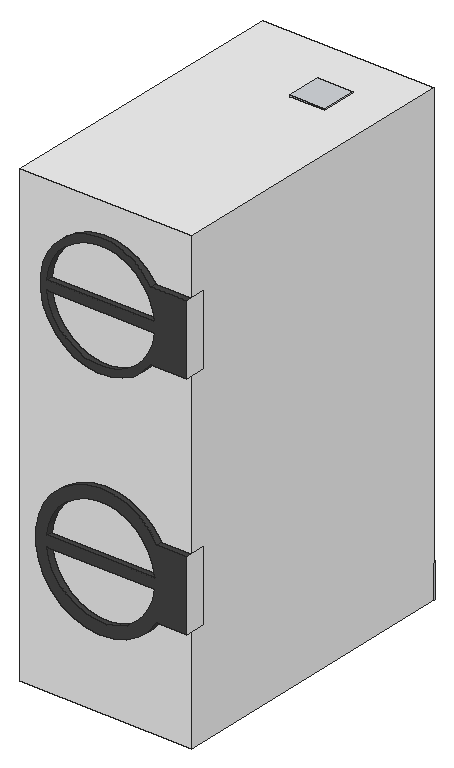
Revit family "_Stacked Dryer", category Mechanical Equipment, Revit 2018
Family settings
  Round Connector Dimension = Use Radius
  Part Type = Normal
  OmniClass Number = 23.45.70.11.14.17
  OmniClass Title = Clothes Dryers
  Work Plane-Based = No
  Always vertical = Yes
  Cut with Voids When Loaded = No
  Shared = No
  Room Calculation Point = No
Parameters (values of type "Maytag Dryer 3")
  Warranty Duration (Years) = 0
  Voltage = 0 V
  URL = "http://www.continentalgirbau.com"
  Trim Material = Painted Metal - Black
  Three Phase = 0 VA
  Test Data = ""
  Specification = "http://www.arcat.com/sd/clients/cogirbau.html?coid=44467"
  SpecWizard = "http://www.arcat.com/specwizard/11110con/index.htm?mf=&coid=44467"
  Single Phase = 0 VA
  Shell Material = Stainless Steel
  Send Message = "http://admin.arcat.com/users.pl?action=UserEmail&company=Continental%20Girbau,%20Inc.&coid=44467&rep=132&fax=920-231-4666 &mf="
  Sales Information = ""
  Product Properties = "http://www.arcat.com/bim/bim_info.pl?fn=Commercial_Washer"
  Product Data = "http://www.arcat.com/arcatcos/cos44/arc44467.html"
  OpeningCL = DoorOpening / 2  # 11 87/256"
  Model = "Generic"
  Mech_Waste = 4"
  Mech_Gas_Inlet = 3/8"
  Manufacturer Website = "http://www.continentalgirbau.com"
  Manufacturer Phone - Toll Free = "800-256-1073 "
  Manufacturer Phone = "920-231-8222 "
  Manufacturer Fax = "920-231-4666 "
  Manufacturer Address = "2500 State Rd. 44; Oshkosh; WI 54904\r\n"
  Manufacturer = "Continental Girbau, Inc.\r\n"
  Maintenance Schedule (Months) = 0
  MachWidth = 29 1/2"
  MachHeight = 79"
  MachDepth = 52 1/4"
  LwrPanHt = MachHeight / 3  # 26.33333"
  Keynote = "11 23 00"
  Installation-Fabrication = ""
  Installation Phase = "Interior Fittings"
  InstWidth = 18"
  Green Building-LEED = "http://www.arcat.com/green/clients/leed_data_44467.html"
  GlassCL = OpeningCL - 2"  # 9 87/256"
  Fr_FaceWdth = MachWidth / 6  # 4.91667"
  Expected Lifespan (Years) = 0
  Drawn By = "Robert S. Weygant, CSI, CDT, SCIP"
  DoorOpening = 22 87/128"
  DoorHeight = 48"
  Description = "Commercial Washer"
  Cyl_Diam = CylRad * 2  # 33"
  Cyl_Depth = 26"
  CylRad = 16 1/2"
  Copyright = "2009, ARCAT, Inc."  # constant formula
  Construction Details = "http://www.arcat.com/details/cogirbau/cogirbau.html?coid=44467"
  Capacity_Weight = 30
  Capacity_Volume = (3.1416 * (CylRad ^ 2)) * Cyl_Depth  # 0.36441 m³
  Building Codes = ""
  BTU = ""
  Assembly Code = "E1010610"
Types (4): name | MachWidth | MachHeight | MachDepth | LwrPanHt | Fr_FaceWdth
  Maytag Dryer 1 | 29 1/2" | 78 1/4" | 52 1/4" | 26.08333" | 4.91667"
  Maytag Dryer 2 | 34 1/4" | 72 1/4" | 49" | 24.08333" | 5.70833"
  Maytag Dryer 3 | 29 1/2" | 79" | 52 1/4" | 26.33333" | 4.91667"
  Maytag Dryer 4 - MLG32PD | 30" | 78 1/4" | 43" | 26.08333" | 5"
Reference planes (in)
  plane 1 "Front": y = 0
  plane 2: z = 0
  plane 3 "Center (Left/Right)": x = 4.36029
  plane 4: x = -10.38971
  plane 5: x = 19.11029
  plane 6: y = 52.25
  plane 7: z = 79
  plane 8: z = 63.5
  plane 9: z = 48
  plane 10 "DoorFront": y = 2
  plane 11: y = 28
  plane 12: z = 24
Forms (in)
  Extrusion 1, solid, material "Stainless Steel" <- "Shell Material"
    sketch origin (0, 0, 0) x (1, 0, 0) y (0, 1, 0)
      loop
        line (-10.38971, 0) -> (19.11029, 0) -> (19.11029, 52.25) -> (-10.38971, 52.25) -> (-10.38971, 0)
    from 0 to 79
  Extrusion 2, solid, material "Painted Metal - Black" <- "Trim Material"
    sketch origin (0, 2, 18.44141) x (-1, 0, 0) y (0, 0, 1)
      loop
        arc (4.94445, 45.8676) -> (-4.36029, 54.39844) -> (-13.66503, 45.8676) r 9.33984
        line (-13.66503, 45.8676) -> (4.94445, 45.8676)
      loop
        line (-19.11029, 39.05859) -> (-12.98277, 39.05859)
        arc (-12.98277, 39.05859) -> (6.14433, 45.05859) -> (-12.98277, 51.05859) r 10.50462
        line (-12.98277, 51.05859) -> (-19.11029, 51.05859) -> (-19.11029, 39.05859)
      loop
        arc (-13.66503, 44.24959) -> (-4.36029, 35.71875) -> (4.94445, 44.24959) r 9.33984
        line (4.94445, 44.24959) -> (-13.66503, 44.24959)
    from 0.5 to -3
  Extrusion 3, void
    sketch origin (0, 2, 0) x (-1, 0, 0) y (0, 0, 1)
      loop
        circle (-4.36029, 63.5) r 11.33984
    from 0 to 0.5
  Extrusion 4, solid, material "Glass"
    sketch origin (0, 2, 22.60156) x (-1, 0, 0) y (0, 0, 1)
      loop
        circle (-4.36029, 40.89844) r 9.33984
    from 0 to 0.5
  Extrusion 5, solid, material "Painted Metal - Black" <- "Trim Material"
    sketch origin (0, 2, -17.55859) x (-1, 0, 0) y (0, 0, 1)
      loop
        arc (-13.66114, 40.70601) -> (-4.36029, 32.21875) -> (4.94056, 40.70601) r 9.33984
        line (4.94056, 40.70601) -> (-13.66114, 40.70601)
      loop
        line (-19.11029, 35.55859) -> (-13.98277, 35.55859)
        arc (-13.98277, 35.55859) -> (6.97955, 41.55859) -> (-13.98277, 47.55859) r 11.33984
        line (-13.98277, 47.55859) -> (-19.11029, 47.55859) -> (-19.11029, 35.55859)
      loop
        line (-13.66114, 42.41118) -> (4.94056, 42.41118)
        arc (4.94056, 42.41118) -> (-4.36029, 50.89844) -> (-13.66114, 42.41118) r 9.33984
    from 0.5 to -3
  Extrusion 6, solid, material "Glass"
    sketch origin (0, 2, -16.89844) x (-1, 0, 0) y (0, 0, 1)
      loop
        circle (-4.36029, 40.89844) r 9.33984
    from 0 to 0.5
  Extrusion 7, solid
    sketch origin (0, 0, 0) x (1, 0, 0) y (0, 0, 1)
      loop
        line (19.11029, 0) -> (19.11029, 6) -> (13.11029, 6) -> (13.11029, 0) -> (19.11029, 0)
    from -52.3125 to -52.25
  Extrusion 8, solid
    sketch origin (-19.5, 0, 3) x (1, 0, 0) y (0, 0, 1)
      loop
        line (18.11029, 3) -> (18.11029, 6) -> (15.11029, 6) -> (15.11029, 3) -> (18.11029, 3)
    from -52.3125 to -52.25
  Extrusion 9, solid
    sketch origin (-47.81331, -203.63539, 79) x (-1, 0, 0) y (0, -1, 0)
      loop
        line (-59.34116, -247.875) -> (-53.34116, -247.875) -> (-53.34116, -241.875) -> (-59.34116, -241.875) -> (-59.34116, -247.875)
    from 0.25 to 0
Cuts and joins
  Extrusion 3 cuts Extrusion 1
  Extrusion 3 cuts Extrusion 2
Lines and regions (in)
  Split face 1
    outline origin (-10.38971, 0, 79) x (0, 0, -1) y (1, 0, 0)
      loop
        line (32.75812, 3.125) -> (28.25, 3.125) -> (28.25, 0.125) -> (38.75812, 0.125) -> (38.75812, 29.375) -> (28.25, 29.375) -> (28.25, 26.375) -> (32.75812, 26.375) -> (32.75812, 3.125)
  Split face 2
    outline origin (-10.38971, 0, 79) x (0, 0, -1) y (1, 0, 0)
      loop
        arc (14.69099, 24.05474) -> (6.16016, 14.75) -> (14.69099, 5.44526) r 9.33984
        line (14.69099, 5.44526) -> (14.69099, 24.05474)
  Split face 3
    outline origin (-10.38971, 0, 79) x (0, 0, -1) y (1, 0, 0)
      loop
        arc (16.30901, 5.44526) -> (24.83984, 14.75) -> (16.30901, 24.05474) r 9.33984
        line (16.30901, 24.05474) -> (16.30901, 5.44526)
  Split face 4
    outline origin (-10.38971, 0, 79) x (0, 0, -1) y (1, 0, 0)
      loop
        arc (55.85259, 5.44915) -> (64.33984, 14.75) -> (55.85259, 24.05085) r 9.33984
        line (55.85259, 24.05085) -> (55.85259, 5.44915)
  Split face 5
    outline origin (-10.38971, 0, 79) x (0, 0, -1) y (1, 0, 0)
      loop
        line (73, 29.5) -> (73, 0)
  symbolic lines
    curve 1: line (14.51933, 2, 0) -> (12.51933, 2, 0)
    curve 2: line (14.51933, -20.67969, 0) -> (14.51933, 2, 0)
    curve 3: line (12.51933, -20.67969, 0) -> (14.51933, -20.67969, 0)
    curve 4: line (12.51933, 2, 0) -> (12.51933, -20.67969, 0)
    curve 5: arc (14.51933, -20.67969, 0) -> (-0.89322, -14.63795, 0) -> (-8.09415, 0.26829, 0) r 22.67969
Dimensions and locks (in)
  "MachWidth": plane 4 to plane 5
  "MachDepth": plane 1 "Front" to plane 6
  equal spacing: plane 4, plane 3 "Center (Left/Right)", plane 5
  "MachHeight": plane 7 to plane 2
  "DoorHeight": plane 9 to plane 2
  "Cyl_Depth": plane 11 to plane 10 "DoorFront"
  "DoorOpening": curve 3 to curve 1
  equal spacing: plane 9, plane 12, plane 2
  locked: Extrusion 7 sketch curve to Extrusion 7 sketch curve at 6
  locked: Extrusion 7 to cut or joined group of Extrusion 1, Extrusion 3 at 0.0625
  Extrusion 8 sketch curve to Extrusion 8 sketch curve = 3"  (x2)
  locked: cut or joined group of Extrusion 1, Extrusion 3 to Extrusion 8 at 6  (x2)
  locked: Split face 1 sketch curve to plane 4 at 0.125
  locked: Split face 1 sketch curve to plane 5 at 0.125
  Split face 1 to Split face 1 = 6"
  locked: Extrusion 2 sketch curve to Extrusion 2 sketch curve at 12
  equal spacing: Extrusion 2 sketch curve, plane 8, Extrusion 2 sketch curve
  equal spacing: plane 7, plane 8, plane 9
  locked: Extrusion 9 sketch curve to Extrusion 9 sketch curve at 6  (x2)
  Extrusion 9 sketch curve to Extrusion 9 sketch curve = 6"
  "GlassCL": radius of Extrusion 2 sketch curve
  "OpeningCL": radius of Extrusion 3 sketch curve
  "GlassCL": radius of Extrusion 4 sketch curve
  "GlassCL": radius of Extrusion 5 sketch curve
  "GlassCL": radius of Extrusion 6 sketch curve
  aligned and locked: plane 4 to Extrusion 1
  aligned and locked: plane 5 to Extrusion 1
  aligned and locked: plane 1 "Front" to Extrusion 1
  aligned and locked: plane 6 to Extrusion 1
  aligned and locked: plane 7 to Extrusion 1
  aligned and locked: plane 8 to Extrusion 4
  aligned and locked: plane 12 to Extrusion 6
  aligned and locked: Extrusion 7 sketch curve to cut or joined group of Extrusion 1, Extrusion 3  (x2)
  aligned and locked: Extrusion 7 to plane 6
  aligned and locked: Extrusion 8 to plane 6
  aligned and locked: Extrusion 8 to Extrusion 7
  aligned and locked: plane 1 "Front" to Extrusion 1 sketch curve
  aligned and locked: Split face 2 sketch curve to cut or joined group of Extrusion 2, Extrusion 3  (x2)
  aligned and locked: Split face 3 sketch curve to cut or joined group of Extrusion 2, Extrusion 3  (x2)
  aligned and locked: Split face 4 sketch curve to Extrusion 5  (x2)
Automatic sketch dimensions
  curve 4 to plane 10 "DoorFront" = 0"
  curve 5 to plane 10 "DoorFront" = 0"
  plane 5 to curve 4 = 6.59096"
  curve 3 to curve 3 = 2"
  curve 5 to plane 1 "Front" = 0.26829"
  Extrusion 1 sketch curve to plane 4 = 0"
  Extrusion 1 sketch curve to plane 5 = 0"
  Extrusion 1 sketch curve to plane 6 = 0"
  Extrusion 2 sketch curve to Extrusion 2 sketch curve = 0"  (x8)
  plane 5 to Extrusion 2 sketch curve = 0"
  Extrusion 2 sketch curve to plane 3 "Center (Left/Right)" = 0"
  Extrusion 2 sketch curve to plane 8 = 0"
  plane 8 to Extrusion 2 sketch curve = 0.80901"
  Extrusion 2 sketch curve to Extrusion 2 sketch curve = 0.68226"
  Extrusion 2 sketch curve to plane 8 = 0.80901"
  Extrusion 3 sketch curve to plane 3 "Center (Left/Right)" = 0"
  Extrusion 3 sketch curve to plane 8 = 0"
  Extrusion 4 sketch curve to plane 3 "Center (Left/Right)" = 0"
  Extrusion 4 sketch curve to plane 8 = 0"
  Extrusion 5 sketch curve to Extrusion 5 sketch curve = 0"  (x7)
  plane 5 to Extrusion 5 sketch curve = 0"
  Extrusion 5 sketch curve to plane 3 "Center (Left/Right)" = 0"
  Extrusion 5 sketch curve to plane 12 = 0"
  plane 5 to Extrusion 5 sketch curve = 5.12752"  (x2)
  plane 12 to Extrusion 5 sketch curve = 0.85259"
  plane 5 to Extrusion 5 sketch curve = 5.44915"
  Extrusion 5 sketch curve to plane 12 = 0.85259"
  Extrusion 5 sketch curve to Extrusion 5 sketch curve = 5.14741"
  plane 12 to Extrusion 5 sketch curve = 6"
  Extrusion 6 sketch curve to plane 3 "Center (Left/Right)" = 0"
  Extrusion 6 sketch curve to plane 12 = 0"
  Extrusion 7 sketch curve to Extrusion 7 sketch curve = 6"
  plane 4 to Extrusion 8 sketch curve = 6"
  level to Extrusion 8 sketch curve = 6"
  Split face 1 sketch curve to cut or joined group of Extrusion 1, Extrusion 3 = 28 1/4"
  Split face 1 sketch curve to cut or joined group of Extrusion 1, Extrusion 3 = 3 1/8"
  Split face 1 sketch curve to Split face 1 sketch curve = 0"
  Split face 1 sketch curve to Split face 1 sketch curve = 4.50812"
  Split face 1 sketch curve to Split face 1 sketch curve = 6"
  Split face 1 sketch curve to Split face 1 sketch curve = 3"
  cut or joined group of Extrusion 1, Extrusion 3 to Split face 5 sketch curve = 0"
  Split face 5 sketch curve to cut or joined group of Extrusion 1, Extrusion 3 = 0"
  Split face 5 sketch curve to cut or joined group of Extrusion 1, Extrusion 3 = 6"
  plane 3 "Center (Left/Right)" to Extrusion 9 sketch curve = 7.16756"
  Extrusion 9 sketch curve to plane 6 = 8.01039"
Connectors (in)
  electrical at (16.11029, 52.3125, 3)
    settings: on Extrusion 7, index 1, voltage 0 V, apparent load 0 VA, apparent load phase1 0 VA, apparent load phase2 0 VA, apparent load phase3 0 VA, power factor 1, load classification "Other", number of poles 1, system type 31, power factor state 1, is connector primary yes, connector utility no, sub classification motor no, connector description ""
  piping at (-2.88971, 52.3125, 7.5), diameter 0.75, driven by "Mech_Gas_Inlet"
    settings: on Extrusion 8, index 3, connector inside diameter 1", connector length 0", flow factor 0, pipe flow 0 GPM, pressure drop 0.00 psi, fitting loss kfactor 0, connector angle 0.00°, fixture units 0, engagement length 0", angle of deflection 0.00°, flow configuration 0, flow direction 0, fitting loss method 0, system type 22, joint type 0, gender type 0, connector reference index -1, connector utility 0, adjustable connector no, is connector primary yes, connector description "Mech_Gas_Inlet"
  hvac at (8.52785, 41.23961, 79.25), driven by "Mech_Waste"
    settings: on Extrusion 9, index 4, duct flow 0 CFM, flow factor 0, pres drop 0.00 in-wg, loss coef 0, conn angle 0.00°, conn width 12", conn height 12", conn diameter 8", duct sys type 3, conn prof type 0, flow config 0, flow direction 0, loss method 0, conn ref index -1, conn util no, is conn primary yes, conn desc ""
